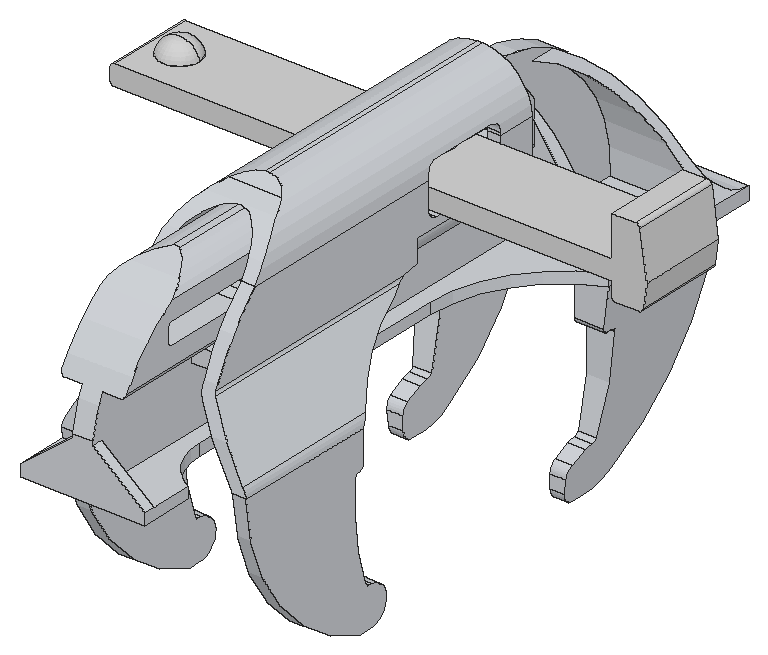
Revit family "EV_ORMA CLAMP_1900170", category Generic Models, Revit 2018
Family settings
  Can host rebar = No
  Round Connector Dimension = Use Diameter
  Part Type = Normal
  OmniClass Number = 35.51.14.00
  OmniClass Title = FORMWORK
  Work Plane-Based = Yes
  Always vertical = No
  Cut with Voids When Loaded = No
  Shared = Yes
  Room Calculation Point = No
Parameters
  VERSION = "20170217"  # constant formula
  URL = "www.ulmaconstruction.com/en"
  UNICLASS = ""
  REAL WIDTH [instance] = if(CLAMP LENGTH < 100.000 mm, 100.000 mm, if(CLAMP LENGTH < 230.000 mm, CLAMP LENGTH, 230.000 mm))  # 130.000 mm
  ORIGIN PLANE [instance] = if(CHANGE INSERTION SIDE, REAL WIDTH, 0.000 mm)  # 0.000 mm
  Manufacturer = "ULMA CONSTRUCTION"  # constant formula
  ITEM_CODE = "1900170"
  FILTER [instance] = ""
  Default Elevation = 0.000 mm
  CLASSIFICATION_TITLE = ""
  CLASSIFICATION_NUMBER = ""
  CLAMP LENGTH [instance] = 130.000 mm
  CHANGE INSERTION SIDE [instance] = no
Reference planes
  plane 1 "Centro (Frontal/Posterior)": y = 0
  plane 2: z = 0
  plane 3 "Centro (Izquierda/Derecha)": x = 0
  plane 4 "ITEM_LENGTH": y = -130
  plane 5 "LENGTH": y = -130
  plane 6 "ORIGIN PLANE": y = 0
Forms (mm)
  Revolve 1, solid, material "ULMA ZINC", detail levels fine
    sketch origin (-118.838, -50, 1200) x (-1, 0, 0) y (0, 0, 1)
      loop
        arc (-13.9, -1131.062) -> (-19.754, -1132.819) -> (-22.906, -1138.055) r 8.479
        line (-22.906, -1138.055) -> (-22.906, -1147.097)
        arc (-22.906, -1147.097) -> (-19.745, -1152.315) -> (-13.9, -1154.061) r 8.479
        line (-13.9, -1154.061) -> (-13.9, -1131.062)
      axis (-13.9, -1131.062) -> (-13.9, -1154.061)
    angle from 0 to 360
  Extrusion 2, solid, material "ULMA ZINC"
    sketch origin (-33.517, -0.544, 0) x (1, 0, 0) y (0, 0, 1)
      loop
        line (-84.487, 62.019) -> (138.507, 62.019) -> (138.507, 80.301) -> (149.234, 80.301)
        arc (149.234, 80.301) -> (150.547, 79.811) -> (151.216, 78.581) r 2
        line (151.216, 78.581) -> (154.041, 57.622) -> (152.703, 47.026)
        arc (152.703, 47.026) -> (152.035, 45.794) -> (150.722, 45.302) r 2
        line (150.722, 45.302) -> (140.709, 45.296)
        arc (140.709, 45.296) -> (139.181, 45.807) -> (138.526, 47.279) r 2
        line (138.526, 47.279) -> (138.526, 53.108) -> (-85.321, 53.108)
        arc (-85.321, 53.108) -> (-86.165, 53.842) -> (-86.483, 54.915) r 2
        line (-86.483, 54.915) -> (-86.483, 59.794)
        arc (-86.483, 59.794) -> (-85.946, 61.291) -> (-84.487, 61.923) r 2
    from 29.456 to 69.456
Dimensions and locks
  "REAL WIDTH": plane 4 "ITEM_LENGTH" to plane 1 "Centro (Frontal/Posterior)"
  "CLAMP LENGTH": plane 5 "LENGTH" to plane 1 "Centro (Frontal/Posterior)"
  locked: plane 4 "ITEM_LENGTH" to Extrusion 2 at 100
  locked: Extrusion 2 to Extrusion 2 at 40
  locked: Revolve 1 to plane 4 "ITEM_LENGTH" at 80
  "ORIGIN PLANE": plane 6 "ORIGIN PLANE" to plane 1 "Centro (Frontal/Posterior)"
  aligned and locked: level to plane 2
  aligned and locked: nested 2 to plane 4 "ITEM_LENGTH"
Automatic sketch dimensions
  Revolve 1 sketch curve to plane 3 "Centro (Izquierda/Derecha)" = 95.933 mm
  Revolve 1 sketch curve to Revolve 1 sketch curve = 8.347 mm
  Revolve 1 sketch curve to Revolve 1 sketch curve = 0.005 mm
  Revolve 1 sketch curve to Revolve 1 sketch curve = 0.659 mm
  level to Revolve 1 sketch curve = 45.939 mm
  Revolve 1 sketch curve to Revolve 1 sketch curve = 6.963 mm
  Revolve 1 sketch curve to Revolve 1 sketch curve = 6.092 mm
  Revolve 1 sketch curve to Revolve 1 sketch curve = 1.461 mm
  Revolve 1 sketch curve to Revolve 1 sketch curve = 0.000 mm  (x3)
  level to Extrusion 2 sketch curve = 54.915 mm
  Extrusion 2 sketch curve to plane 3 "Centro (Izquierda/Derecha)" = 120.000 mm
  Extrusion 2 sketch curve to Extrusion 2 sketch curve = 1.162 mm
  Extrusion 2 sketch curve to Extrusion 2 sketch curve = 1.996 mm
  Extrusion 2 sketch curve to Extrusion 2 sketch curve = 2.000 mm  (x3)
  plane 3 "Centro (Izquierda/Derecha)" to Extrusion 2 sketch curve = 104.990 mm
  Extrusion 2 sketch curve to Extrusion 2 sketch curve = 0.019 mm
  Extrusion 2 sketch curve to Extrusion 2 sketch curve = 0.183 mm
  Extrusion 2 sketch curve to Extrusion 2 sketch curve = 10.729 mm
  Extrusion 2 sketch curve to Extrusion 2 sketch curve = 10.196 mm
  Extrusion 2 sketch curve to Extrusion 2 sketch curve = 1.980 mm
  level to Extrusion 2 sketch curve = 47.026 mm
  Extrusion 2 sketch curve to Extrusion 2 sketch curve = 1.981 mm
  level to Extrusion 2 sketch curve = 57.622 mm
  Extrusion 2 sketch curve to Extrusion 2 sketch curve = 1.337 mm
  Extrusion 2 sketch curve to Extrusion 2 sketch curve = 1.730 mm
  Extrusion 2 sketch curve to Extrusion 2 sketch curve = 1.983 mm
  Extrusion 2 sketch curve to Extrusion 2 sketch curve = 0.277 mm
  Extrusion 2 sketch curve to Extrusion 2 sketch curve = 1.807 mm
  Extrusion 2 sketch curve to Extrusion 2 sketch curve = 4.879 mm
  Extrusion 2 sketch curve to Extrusion 2 sketch curve = 0.129 mm
  Extrusion 2 sketch curve to Extrusion 2 sketch curve = 8.911 mm
  Extrusion 2 sketch curve to Extrusion 2 sketch curve = 16.282 mm
  Extrusion 2 sketch curve to Extrusion 2 sketch curve = 0.280 mm
  Extrusion 2 sketch curve to Extrusion 2 sketch curve = 0.000 mm  (x3)
  Extrusion 2 sketch curve to Extrusion 2 sketch curve = 0.002 mm
Nested families
  nested 1: "CUERPO FIJO GRAPA REG_1900928_CONNECTORS" at (0, 0, 0) x (0, -1, 0) z (0, 0, 1), type "CUERPO FIJO GRAPA REG_1900928_CONNECTORS"
    with FILTER ""
  nested 2: "CHAPA MOVIL GRAPA REG_1900925_CONNECTORS" at (0, -130, 0) x (0, -1, 0) z (0, 0, 1), type "CHAPA MOVIL GRAPA REG_1900925_CONNECTORS"
    with FILTER ""
Definition of nested family "CUERPO FIJO GRAPA REG_1900928_CONNECTORS"
  Parameters (values of type "CUERPO FIJO GRAPA REG_1900928_CONNECTORS")
    VERSION = "20170217"  # constant formula
    URL = "www.ulmaconstruction.com/en"
    UNICLASS = ""
    Manufacturer = "ULMA CONSTRUCTION"  # constant formula
    ITEM_CODE = "1900928"
    FILTER [instance] = ""
    Default Elevation = 0.000 mm
    CLASSIFICATION_TITLE = ""
    CLASSIFICATION_NUMBER = ""
  Reference planes
    plane 1 "Centro (Frontal/Posterior)": y = 0
    plane 2: z = 0
    plane 3 "Centro (Izquierda/Derecha)": x = 0
  Forms (mm)
    Extrusion 1, solid, detail levels fine
      sketch origin (0, 0, 0) x (1, 0, 0) y (0, 0, 1)
        loop
          arc (10.788, 79.3) -> (-34.271, 63.17) -> (-58.856, 22.11) r 71
          arc (-58.856, 22.11) -> (-65.782, 10.544) -> (-78.474, 6) r 20
          line (-78.474, 6) -> (-78.474, -0.023) -> (-59.992, -0.023)
          arc (-59.992, -0.023) -> (-46.55, -46.8) -> (-11.75, -80.825) r 95.226
          arc (-11.75, -80.825) -> (-4.818, -84.328) -> (2.855, -85.535) r 25
          line (2.855, -85.535) -> (8.885, -85.535)
          arc (8.885, -85.535) -> (12.42, -84.07) -> (13.885, -80.535) r 5
          line (13.885, -80.535) -> (13.885, -74.316)
          arc (13.885, -74.316) -> (13.102, -71.629) -> (10.998, -69.784) r 5
          line (10.998, -69.784) -> (3.894, -66.472)
          arc (3.894, -66.472) -> (1.942, -65.797) -> (-0.108, -65.534) r 10
          arc (-0.108, -65.534) -> (-1.254, -65.141) -> (-1.963, -64.158) r 2
          arc (-1.963, -64.158) -> (-6.523, -43.231) -> (-6.733, -21.815) r 104.811
          arc (-6.733, -21.815) -> (-6.089, -20.522) -> (-4.741, -20) r 2
          line (-4.741, -20) -> (-2, -20)
          arc (-2, -20) -> (-0.586, -19.414) -> (0, -18) r 2
          line (0, -18) -> (0, 0) -> (234.979, 0) -> (234.979, 25.665)
          arc (234.979, 25.665) -> (216.559, 60.587) -> (181.793, 79.3) r 67.717
          line (181.793, 79.3) -> (10.788, 79.3)
        loop
          line (40.413, 68.362) -> (36.969, 63.708) -> (13.477, 63.708)
          arc (13.477, 63.708) -> (12.062, 63.122) -> (11.477, 61.708) r 2
          line (11.477, 61.708) -> (11.477, 55.599)
          arc (11.477, 55.599) -> (12.062, 54.185) -> (13.477, 53.599) r 2
          line (13.477, 53.599) -> (37.118, 53.599) -> (40.5, 49.061) -> (43.872, 53.599) -> (48.872, 53.599) -> (52.371, 48.889) -> (55.872, 53.599) -> (60.872, 53.599) -> (64.371, 48.889) -> (67.872, 53.599) -> (72.872, 53.599) -> (76.371, 48.889) -> (79.872, 53.599) -> (84.872, 53.599) -> (88.371, 48.889) -> (91.872, 53.599) -> (96.872, 53.599) -> (100.371, 48.889) -> (103.872, 53.599) -> (108.872, 53.599) -> (112.371, 48.889) -> (115.872, 53.599) -> (120.872, 53.599) -> (124.371, 48.889) -> (127.872, 53.599) -> (132.872, 53.599) -> (136.371, 48.889) -> (139.872, 53.599) -> (144.872, 53.599) -> (148.371, 48.889) -> (151.872, 53.599) -> (156.872, 53.599) -> (160.303, 48.981) -> (163.731, 53.599) -> (202.98, 53.599)
          arc (202.98, 53.599) -> (204.395, 54.185) -> (204.98, 55.599) r 2
          line (204.98, 55.599) -> (204.98, 61.708)
          arc (204.98, 61.708) -> (204.395, 63.122) -> (202.98, 63.708) r 2
          line (202.98, 63.708) -> (163.739, 63.708) -> (160.345, 68.27) -> (156.954, 63.708) -> (151.822, 63.708) -> (148.362, 68.406) -> (144.859, 63.708) -> (139.871, 63.708) -> (136.371, 68.418) -> (132.869, 63.708) -> (127.871, 63.708) -> (124.371, 68.418) -> (120.859, 63.708) -> (115.871, 63.708) -> (112.371, 68.418) -> (108.859, 63.708) -> (103.871, 63.708) -> (100.371, 68.418) -> (96.859, 63.708) -> (91.871, 63.708) -> (88.371, 68.418) -> (84.859, 63.708) -> (79.871, 63.708) -> (76.371, 68.418) -> (72.859, 63.708) -> (67.871, 63.708) -> (64.371, 68.418) -> (60.859, 63.708) -> (55.871, 63.708) -> (52.371, 68.418) -> (48.869, 63.708) -> (43.871, 63.708) -> (40.413, 68.362)
      from -47.5 to 48.5
    Extrusion 2, void
      sketch origin (0, 0, 0) x (0, 1, 0) y (0, 0, 1)
        loop
          line (-39.455, -85.535) -> (-48.5, -0.023) -> (-53.5, -0.023) -> (-53.5, -90.535) -> (52.5, -90.535) -> (52.5, -0.023) -> (47.5, -0.023) -> (38.5, -85.535) -> (32.5, -85.535) -> (32.5, -0.023) -> (-33.455, -0.023) -> (-33.455, -85.535) -> (-39.455, -85.535)
      from -59.993 to 13.885
    Extrusion 3, void
      sketch origin (0, 0, 0) x (1, 0, 0) y (0, 0, 1)
        loop
          arc (-3.397, 72.758) -> (-41.671, 48.352) -> (-55.13, 5) r 66
          line (-55.13, 5) -> (-6, 5) -> (-6, 41.562)
          arc (-6, 41.562) -> (3.89, 69.205) -> (29.071, 84.3) r 43.576
          line (29.071, 84.3) -> (10.788, 84.3)
          arc (10.788, 84.3) -> (-10.155, 81.357) -> (-29.477, 72.758) r 76
          line (-29.477, 72.758) -> (-3.397, 72.758)
      from 5 to 53.5
    Extrusion 4, void
      sketch origin (0, 0, 0) x (1, 0, 0) y (0, 0, -1)
        loop
          line (-3.397, -72.758) -> (-29.477, -72.758)
          arc (-29.477, -72.758) -> (-10.155, -81.357) -> (10.788, -84.3) r 76
          line (10.788, -84.3) -> (29.071, -84.3)
          arc (29.071, -84.3) -> (3.89, -69.205) -> (-6, -41.562) r 43.576
          line (-6, -41.562) -> (-6, -5) -> (-55.13, -5)
          arc (-55.13, -5) -> (-41.671, -48.352) -> (-3.397, -72.758) r 66
      from 4 to 53.5
    Extrusion 5, void
      sketch origin (0, 0, 0) x (0, 1, 0) y (0, 0, 1)
        loop
          line (-5, 70.488) -> (-5, 84.3) -> (-53.5, 84.3) -> (-53.5, -1.416) -> (-5, 70.488)
      from 0 to -78.474
    Extrusion 6, void
      sketch origin (0, 0, 0) x (0, -1, 0) y (0, 0, -1)
        loop
          line (-4, -70.488) -> (-53.5, 2.899) -> (-53.5, -84.3) -> (-4, -84.3) -> (-4, -70.488)
      from 0 to -78.474
    Extrusion 7, void
      sketch origin (0, 0, 0) x (0, 1, 0) y (0, 0, 1)
        loop
          line (-15, 45) -> (-15, 71.598)
          arc (-15, 71.598) -> (-9.449, 76.839) -> (-2.195, 79.218) r 17.5
          arc (-2.195, 79.218) -> (-0.5, 79.3) -> (1.195, 79.218) r 17.5
          arc (1.195, 79.218) -> (8.449, 76.839) -> (14, 71.598) r 17.5
          line (14, 71.598) -> (14, 45)
          arc (14, 45) -> (13.414, 43.586) -> (12, 43) r 2
          line (12, 43) -> (4, 43) -> (4, 24.569) -> (54, 24.569) -> (54, 82.744) -> (-55, 82.744) -> (-55, 24.569) -> (-5, 24.569) -> (-5, 43) -> (-13, 43)
          arc (-13, 43) -> (-14.414, 43.586) -> (-15, 45) r 2
      from 0 to 234.979
    Extrusion 8, void
      sketch origin (0, 0, 0) x (1, 0, 0) y (0, 0, 1)
        loop
          line (0, 5.067) -> (230, 5.067) -> (230, 30.067) -> (0, 30.067) -> (0, 5.067)
      from 5 to 83.991
    Extrusion 9, void
      sketch origin (0, 0, 0) x (1, 0, 0) y (0, 0, -1)
        loop
          line (0, -5.067) -> (0, -30.067) -> (230, -30.067) -> (230, -5.067) -> (0, -5.067)
      from 4 to 83.991
    Extrusion 10, void
      sketch origin (0, 0, 0) x (1, 0, 0) y (0, 1, 0)
        loop
          line (-3.353, -58.5) -> (241.464, -58.5) -> (241.464, -28.5) -> (210.979, -28.5)
          arc (210.979, -28.5) -> (199.937, -16.81) -> (184.446, -12.5) r 30
          line (184.446, -12.5) -> (54.991, -12.5)
          arc (54.991, -12.5) -> (17.843, -25.383) -> (-3.353, -58.5) r 60
      from 0 to 39.722
    Extrusion 11, void
      sketch origin (0, -1, 0) x (1, 0, 0) y (0, 1, 0)
        loop
          arc (-3.353, 58.5) -> (17.843, 25.383) -> (54.991, 12.5) r 60
          line (54.991, 12.5) -> (184.446, 12.5)
          arc (184.446, 12.5) -> (199.937, 16.81) -> (210.979, 28.5) r 30
          line (210.979, 28.5) -> (241.464, 28.5) -> (241.464, 58.5) -> (-3.353, 58.5)
      from 0 to 40.811
    Extrusion 12, void
      sketch origin (0, 0, 0) x (0, 1, 0) y (0, 0, 1)
        loop
          line (-28.329, 5.139) -> (-5, 24.044) -> (-5, 31.03) -> (-33.78, 31.03) -> (-33.78, -5.03) -> (-28.329, -5.03) -> (-28.329, 5.139)
      from 204.98 to 250
    Extrusion 13, void
      sketch origin (0, -1, 0) x (0, -1, 0) y (0, 0, -1)
        loop
          line (-28.329, -5.139) -> (-28.329, 5.03) -> (-33.78, 5.03) -> (-33.78, -31.03) -> (-5, -31.03) -> (-5, -24.044) -> (-28.329, -5.139)
      from 204.98 to 250
    Extrusion 14, solid, detail levels coarse+medium
      sketch origin (0, 0, 0) x (1, 0, 0) y (0, 0, 1)
        loop
          line (-78.474, -0.023) -> (0, -0.023) -> (0, 79.334) -> (-78.474, 79.334) -> (-78.474, -0.023)
      from -32.5 to 33.455
    Extrusion 15, solid, detail levels coarse+medium
      sketch origin (0, 0, 0) x (1, 0, 0) y (0, 0, 1)
        loop
          line (234.979, -0.023) -> (234.979, 79.334) -> (0, 79.334) -> (0, -0.023) -> (234.979, -0.023)
      from -14 to 15
  Cuts and joins
    Extrusion 2, Extrusion 3, Extrusion 4, Extrusion 5, Extrusion 6, Extrusion 7, Extrusion 8, Extrusion 9, Extrusion 10, Extrusion 11, Extrusion 12, Extrusion 13 cuts Extrusion 1
  Dimensions and locks
    Extrusion 11 to plane 1 "Centro (Frontal/Posterior)" = 57.500 mm
    aligned and locked: level to plane 2
Definition of nested family "CHAPA MOVIL GRAPA REG_1900925_CONNECTORS"
  Parameters (values of type "CHAPA MOVIL GRAPA REG_1900925_CONNECTORS")
    VERSION = "20170217"  # constant formula
    URL = "www.ulmaconstruction.com/en"
    UNICLASS = ""
    Manufacturer = "ULMA CONSTRUCTION"  # constant formula
    ITEM_CODE = "1900925"
    FILTER [instance] = ""
    Default Elevation = 0.000 mm
    CLASSIFICATION_TITLE = ""
    CLASSIFICATION_NUMBER = ""
  Reference planes
    plane 1 "Centro (Frontal/Posterior)": y = 0
    plane 2: z = 0
    plane 3 "Centro (Izquierda/Derecha)": x = 0
    plane 4: z = -84.61
  Forms (mm)
    Extrusion 1, solid, detail levels fine
      sketch origin (0, 0, 0) x (0, 1, 0) y (0, 0, 1)
        loop
          line (-35.283, -84.61) -> (-35.283, -2.255)
          arc (-35.283, -2.255) -> (-35.181, -1.478) -> (-34.882, -0.755) r 3
          line (-34.882, -0.755) -> (-18.206, 28.128)
          arc (-18.206, 28.128) -> (-17.307, 30.299) -> (-17, 32.628) r 9
          line (-17, 32.628) -> (-17, 64.964)
          arc (-17, 64.964) -> (-12.314, 76.277) -> (-1, 80.964) r 16
          line (-1, 80.964) -> (1, 80.964)
          arc (1, 80.964) -> (12.314, 76.277) -> (17, 64.964) r 16
          line (17, 64.964) -> (17, 32.628)
          arc (17, 32.628) -> (17.307, 30.299) -> (18.206, 28.128) r 9
          line (18.206, 28.128) -> (34.882, -0.755)
          arc (34.882, -0.755) -> (35.181, -1.478) -> (35.283, -2.255) r 3
          line (35.283, -2.255) -> (35.283, -84.61) -> (41.283, -84.61) -> (41.283, -2.255)
          arc (41.283, -2.255) -> (40.977, 0.075) -> (40.078, 2.245) r 9
          line (40.078, 2.245) -> (23.402, 31.128)
          arc (23.402, 31.128) -> (23.102, 31.852) -> (23, 32.628) r 3
          line (23, 32.628) -> (23, 64.964)
          arc (23, 64.964) -> (16.556, 80.52) -> (1, 86.964) r 22
          line (1, 86.964) -> (-1, 86.964)
          arc (-1, 86.964) -> (-16.556, 80.52) -> (-23, 64.964) r 22
          line (-23, 64.964) -> (-23, 32.628)
          arc (-23, 32.628) -> (-23.102, 31.852) -> (-23.402, 31.128) r 3
          line (-23.402, 31.128) -> (-40.078, 2.245)
          arc (-40.078, 2.245) -> (-40.977, 0.075) -> (-41.283, -2.255) r 9
          line (-41.283, -2.255) -> (-41.283, -84.61) -> (-35.283, -84.61)
      from -117.544 to 69.902
    Extrusion 2, void
      sketch origin (0, 0, 0) x (1, 0, 0) y (0, 0, 1)
        loop
          arc (65.595, -1.57) -> (46.375, -53.378) -> (0.788, -84.61) r 91.3
          line (0.788, -84.61) -> (-4.083, -84.61)
          arc (-4.083, -84.61) -> (-13.071, -76.072) -> (-5.007, -66.658) r 9
          line (-5.007, -66.658) -> (-3.834, -66.658)
          arc (-3.834, -66.658) -> (-2.314, -66.173) -> (-1.355, -64.899) r 2.626
          arc (-1.355, -64.899) -> (3.904, -42.971) -> (4.352, -20.426) r 104.811
          arc (4.352, -20.426) -> (3.629, -19.098) -> (2.181, -18.639) r 2
          arc (2.181, -18.639) -> (0.651, -18.124) -> (0, -16.647) r 2
          line (0, -16.647) -> (0, -2.487)
          spline (0, -2.487) -> (-1.993, 0.912) -> (-4.23, 4.196) -> (-6.7, 7.352) -> (-9.394, 10.367) -> (-12.302, 13.229) -> (-15.412, 15.928) -> (-18.711, 18.452) -> (-22.187, 20.791) -> (-25.826, 22.936) -> (-29.614, 24.879) -> (-33.535, 26.612) -> (-37.574, 28.128)
          arc (-37.574, 28.128) -> (-41.47, 30.495) -> (-45.498, 32.628) r 77.443
          line (-45.498, 32.628) -> (-53.204, 34.044) -> (-53.204, 44.207) -> (-123.537, 44.207) -> (-123.537, -93.036) -> (76.463, -93.036) -> (76.463, 91.964) -> (1.463, 91.964) -> (1.463, 86.964) -> (8.422, 84.042)
          arc (8.422, 84.042) -> (24.614, 76.969) -> (37.578, 64.964) r 52.956
          arc (37.578, 64.964) -> (58.442, 34.584) -> (65.595, -1.57) r 91.297
      from -50.006 to 48.809
    Extrusion 3, solid, detail levels fine
      sketch origin (0, 0, 0) x (0, 1, 0) y (0, 0, 1)
        loop
          line (5.25, 41.252) -> (5.25, 33.752) -> (17, 33.752) -> (17, 41.252) -> (5.25, 41.252)
        loop
          line (-5.25, 41.252) -> (-17, 41.252) -> (-17, 33.752) -> (-5.25, 33.752) -> (-5.25, 41.252)
      from 25.598 to 50.598
    Extrusion 4, void
      sketch origin (0, 0, 0) x (1, 0, 0) y (0, 0, 1)
        loop
          line (-64.544, 71.207) -> (-95.544, 71.207)
          arc (-95.544, 71.207) -> (-99.079, 69.742) -> (-100.544, 66.207) r 5
          line (-100.544, 66.207) -> (-100.544, 64.964) -> (-100.544, 53.207)
          arc (-100.544, 53.207) -> (-99.079, 49.671) -> (-95.544, 48.207) r 5
          line (-95.544, 48.207) -> (-64.544, 48.207)
          arc (-64.544, 48.207) -> (-61.008, 49.671) -> (-59.544, 53.207) r 5
          line (-59.544, 53.207) -> (-59.544, 64.964) -> (-59.544, 66.207)
          arc (-59.544, 66.207) -> (-61.008, 69.742) -> (-64.544, 71.207) r 5
      from -50.006 to 41.283
    Extrusion 5, solid, detail levels fine
      sketch origin (0, 0, 0) x (0, 1, 0) y (0, 0, 1)
        loop
          arc (15.563, 35.343) -> (20.894, 38.422) -> (23, 44.207) r 9
          line (23, 44.207) -> (17, 44.207)
          arc (17, 44.207) -> (16.298, 42.278) -> (14.521, 41.252) r 3
          line (14.521, 41.252) -> (7.152, 39.953) -> (8.194, 34.044) -> (15.563, 35.343)
        loop
          line (-17, 44.207) -> (-23, 44.207)
          arc (-23, 44.207) -> (-20.894, 38.422) -> (-15.563, 35.343) r 9
          line (-15.563, 35.343) -> (-8.194, 34.044) -> (-7.152, 39.953) -> (-14.521, 41.252)
          arc (-14.521, 41.252) -> (-16.298, 42.278) -> (-17, 44.207) r 3
      from -117.544 to -53.204
    Extrusion 6, solid, detail levels coarse+medium
      sketch origin (0, 0, 0) x (1, 0, 0) y (0, 0, 1)
        loop
          line (-117.544, 86.964) -> (-117.544, 34.044) -> (65.595, 34.044) -> (65.595, 86.964) -> (-117.544, 86.964)
      from -23 to 23
  Cuts and joins
    Extrusion 2, Extrusion 4 cuts Extrusion 1
  Dimensions and locks
    aligned and locked: level to plane 2
